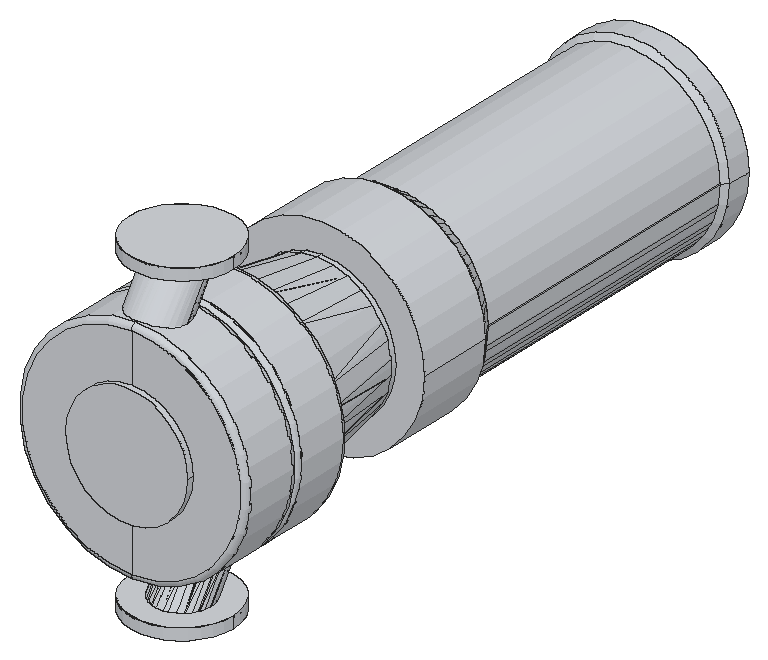
Revit family "f30cbd9bce1d424982ee3bf6078d2080", category Mechanical Equipment, Revit 2021
Family settings
  Round Connector Dimension = Use Radius
  Classification = Pump
  Part Type = Breaks Into
  OmniClass Number = 23.60.30.21
  OmniClass Title = Pumps
  Seek Item ID = Inline Pump - Circulator-0000-USA-ENU
  Work Plane-Based = No
  Always vertical = Yes
  Cut with Voids When Loaded = No
  Shared = No
  Room Calculation Point = No
Parameters (values of type "75 GPM - 9.5 Foot Head")
  Voltage = 460 V
  Suction Outside Radius = Suction Outside Diameter / 2  # 1 1/4"
  Suction Outside Diameter = Suction Nominal Diameter + 0' 0 1/2"  # 2 1/2"
  Suction Nominal Radius = 1"
  Suction Nominal Diameter = 2 * Suction Nominal Radius  # 2"
  Radius 3 = Outside Radius 4 + 0' 1"  # 0' - 2.656"
  Radius 2 = Outside Radius 2 - 0' 0 1/2"  # 0' - 3 123/128"
  Radius 1 = Outside Radius 2 - 0' 0 1/4"  # 0' - 4 27/128"
  RPM [instance] = 1450
  Pump Material = none
  Outside Radius 4 = Outside Diameter 4 / 2  # 0' - 1.656"
  Outside Radius 2 = Outside Diameter 2 / 2  # 0' - 4 59/128"
  Outside Radius 1 = Outside Diameter 1 / 2  # 0' - 5"
  Outside Diameter 4 = 0.18 * Length 2  # 0' - 3.312"
  Outside Diameter 2 = 0' - 8 59/64"
  Outside Diameter 1 = 0' - 10"
  Number of Poles = 3
  Load Classification = Appliance - Dwelling Unit
  Length 4 = (Flange Height - Outside Radius 1 - 0' 0 1/4") * tan(34.00°)  # 0' - 1.34902"
  Length 3 = Length 2 * 0.18  # 0' - 3.312"
  Length 2 = 0.8 * Length 1  # 1' - 6.4"
  Length 1 = 1' - 11"
  Housing Width = 0' - 6"
  Flange Radius = Flange Diameter / 2  # 0' - 2 1/4"
  Flange Height = 0' - 7 1/4"
  Flange Diameter = 0' - 4 1/2"
  Discharge Nominal Radius = 1"
  Discharge Nominal Diameter = 2 * Discharge Nominal Radius  # 2"
  Default Elevation = 0' - 0"
  Apparent Load = 1254 VA
Types (3): name | Suction Outside Radius | Suction Outside Diameter | Suction Nominal Radius | Suction Nominal Diameter | Radius 3 | Radius 2 | Radius 1 | Outside Radius 4 | Outside Radius 2 | Outside Radius 1 | Outside Diameter 4 | Outside Diameter 2 | Outside Diameter 1 | Length 4 | Length 3 | Length 2 | Length 1 | Flange Radius | Flange Height | Flange Diameter | Discharge Nominal Radius | Discharge Nominal Diameter | Apparent Load
  (no name) | 1 1/4" | 2 1/2" | 1" | 2" | 0' - 2.656" | 0' - 3 123/128" | 0' - 4 27/128" | 0' - 1.656" | 0' - 4 59/128" | 0' - 5" | 0' - 3.312" | 0' - 8 59/64" | 0' - 10" | 0' - 1.34902" | 0' - 3.312" | 1' - 6.4" | 1' - 11" | 0' - 2 1/4" | 0' - 7 1/4" | 0' - 4 1/2" | 1" | 2" | 1254 VA
  65 GPM - 2.5 Foot Head | 1" | 2" | 3/4" | 1 1/2" | 0' - 2.224" | 0' - 2 55/64" | 0' - 3 7/64" | 0' - 1.224" | 0' - 3 23/64" | 0' - 3 5/8" | 0' - 2.448" | 0' - 6 23/32" | 0' - 7 1/4" | 0' - 0.84314" | 0' - 2.448" | 1' - 1.6" | 1' - 5" | 0' - 2" | 0' - 5 1/8" | 0' - 4" | 3/4" | 1 1/2" | 542 VA
  75 GPM - 9.5 Foot Head | 1 1/4" | 2 1/2" | 1" | 2" | 0' - 2.656" | 0' - 3 123/128" | 0' - 4 27/128" | 0' - 1.656" | 0' - 4 59/128" | 0' - 5" | 0' - 3.312" | 0' - 8 59/64" | 0' - 10" | 0' - 1.34902" | 0' - 3.312" | 1' - 6.4" | 1' - 11" | 0' - 2 1/4" | 0' - 7 1/4" | 0' - 4 1/2" | 1" | 2" | 1254 VA
Reference planes (in)
  plane 1 "Center (Front/Back)": y = 0
  plane 2: z = 0
  plane 3 "Center (Left/Right)": x = 0
  plane 4: z = 7.25
  plane 5: z = 14.5
  plane 6: z = 12.25
  plane 7: z = 2.25
  plane 8: y = 3
  plane 9: y = -3
  plane 10: y = 2.75
  plane 11: y = -2.75
  plane 12: y = 2.5
  plane 13: y = -2.5
  plane 14: z = 12
  plane 15: z = 2.5
  plane 16: y = 0.25
  plane 17: y = -0.25
  plane 18: y = 26
  plane 19: y = 11.5
  plane 20: y = 7.6
  plane 21: y = 10.912
  plane 22: y = 11.662
  plane 23: y = 7.35
  plane 24: z = 3.28906
  plane 25: y = 25.5
  plane 26: y = 24.5
  plane 27: y = 24.25
  plane 28: z = 14
  plane 29: z = 0.5
  plane 30: y = 1.34902
  plane 31: y = -1.34902
  plane 32: x = -5
  plane 33: x = 5
Forms (in)
  Revolve 1, solid, material <- "Pump Material"
    sketch origin (0, 0, 0) x (0, 1, 0) y (0, 0, 1)
      loop
        line (2.75, 7.25) -> (2.75, 12)
        arc (2.75, 12) -> (2.67678, 12.17678) -> (2.5, 12.25) r 0.25
        line (2.5, 12.25) -> (0.25, 12.25)
        arc (0.25, 12.25) -> (0.07322, 12.17678) -> (0, 12) r 0.25
        arc (0, 12) -> (-0.07322, 12.17678) -> (-0.25, 12.25) r 0.25
        line (-0.25, 12.25) -> (-2.5, 12.25)
        arc (-2.5, 12.25) -> (-2.67678, 12.17678) -> (-2.75, 12) r 0.25
        line (-2.75, 12) -> (-2.75, 7.25) -> (2.75, 7.25)
      axis (2.75, 7.25) -> (-2.75, 7.25)
    angle from 0 to 360
  Extrusion 2, solid, material <- "Pump Material"
    sketch origin (0, 0, 0) x (1, 0, 0) y (0, 0, 1)
      loop
        circle (0, 7.25) r 2.656
    from 3 to 2.75
  Extrusion 3, solid, material <- "Pump Material"
    sketch origin (0, 0, 0) x (1, 0, 0) y (0, 0, 1)
      loop
        circle (0, 7.25) r 3.96094
    from -3 to -2.75
  Revolve 4, solid, material <- "Pump Material"
    sketch origin (0, 0, 0) x (0, 1, 0) y (0, 0, 1)
      loop
        line (3, 7.25) -> (3, 3.28906) -> (7.35, 4.05608) -> (7.6, 4.05608) -> (7.6, 7.25) -> (3, 7.25)
      axis (7.6, 7.25) -> (3, 7.25)
    angle from 0 to 360
  Extrusion 5, solid, material <- "Pump Material"
    sketch origin (0, 0, 0) x (1, 0, 0) y (0, 0, 1)
      loop
        circle (0, 7.25) r 4.46094
    from -7.6 to -10.912
  Extrusion 6, solid, material <- "Pump Material"
    sketch origin (0, 0, 0) x (1, 0, 0) y (0, 0, 1)
      loop
        circle (0, 7.25) r 3.96094
    from -11.662 to -24.25
  Blend 7, solid, material <- "Pump Material"
    base sketch origin (0, 0, 0) x (1, 0, 0) y (0, 0, 1)
      loop
        circle (0, 7.25) r 3.96094
    top sketch origin (0, 0, 0) x (1, 0, 0) y (0, 0, 1)
      loop
        circle (0, 7.25) r 4.46094
    from -11.662 to -10.912
  Extrusion 8, solid, material <- "Pump Material"
    sketch origin (0, 0, 0) x (1, 0, 0) y (0, 0, 1)
      loop
        circle (0, 7.25) r 4.21094
    from -24.5 to -25.5
  Blend 9, solid, material <- "Pump Material"
    base sketch origin (0, 0, 0) x (1, 0, 0) y (0, 0, 1)
      loop
        circle (0, 7.25) r 4.21094
    top sketch origin (0, 0, 0) x (1, 0, 0) y (0, 0, 1)
      loop
        circle (0, 7.25) r 3.96094
    from -24.5 to -24.25
  Extrusion 10, solid, material <- "Pump Material"
    sketch origin (0, 0, 0) x (1, 0, 0) y (0, 0, 1)
      loop
        circle (0, 7.25) r 1.656
    from -26 to -25.5
  Extrusion 11, solid, material <- "Pump Material"
    sketch origin (0, 0, 0) x (1, 0, 0) y (0, 1, 0)
      loop
        circle (0, 0) r 2.25
    from 14 to 14.5
  Extrusion 12, solid, material <- "Pump Material"
    sketch origin (0, 0, 0) x (1, 0, 0) y (0, 1, 0)
      loop
        circle (0, 0) r 2.25
    from 0.5 to 0
  Blend 13, solid, material <- "Pump Material"
    base sketch origin (0, 0, 0) x (1, 0, 0) y (0, 1, 0)
      loop
        circle (0, 0) r 1.25
    top sketch origin (0, 0, 0) x (1, 0, 0) y (0, 1, 0)
      loop
        circle (0, -1.34902) r 1.25
    from 14 to 12
  Blend 14, solid, material <- "Pump Material"
    base sketch origin (0, 0, 0) x (1, 0, 0) y (0, 1, 0)
      loop
        circle (0, 0) r 1.25
    top sketch origin (0, 0, 0) x (1, 0, 0) y (0, 1, 0)
      loop
        circle (0, 1.34902) r 1.25
    from 0.5 to 2.5
  Revolve 15, solid, material <- "Pump Material", detail levels fine
    sketch origin (0, 0, 0) x (0, 1, 0) y (0, 0, 1)
      loop
        line (2.75, 7.25) -> (2.75, 12)
        arc (2.75, 12) -> (2.67678, 12.17678) -> (2.5, 12.25) r 0.25
        line (2.5, 12.25) -> (0.25, 12.25)
        arc (0.25, 12.25) -> (0.07322, 12.17678) -> (0, 12) r 0.25
        arc (0, 12) -> (-0.07322, 12.17678) -> (-0.25, 12.25) r 0.25
        line (-0.25, 12.25) -> (-2.5, 12.25)
        arc (-2.5, 12.25) -> (-2.67678, 12.17678) -> (-2.75, 12) r 0.25
        line (-2.75, 12) -> (-2.75, 7.25) -> (2.75, 7.25)
      axis (2.75, 7.25) -> (-2.75, 7.25)
    angle from 0 to 360
  Revolve 16, solid, material <- "Pump Material", detail levels fine
    sketch origin (0, 0, 0) x (0, 1, 0) y (0, 0, 1)
      loop
        line (3, 7.25) -> (3, 3.28906) -> (7.35, 4.05608) -> (7.6, 4.05608) -> (7.6, 7.25) -> (3, 7.25)
      axis (7.6, 7.25) -> (3, 7.25)
    angle from 0 to 360
  Extrusion 17, solid, material <- "Pump Material", detail levels fine
    sketch origin (0, 0, 0) x (1, 0, 0) y (0, 0, 1)
      loop
        circle (0, 7.25) r 3.96094
    from -3 to -2.75
  Extrusion 18, solid, material <- "Pump Material", detail levels fine
    sketch origin (0, 0, 0) x (1, 0, 0) y (0, 0, 1)
      loop
        circle (0, 7.25) r 2.656
    from 2.75 to 3
  Extrusion 19, solid, material <- "Pump Material", detail levels fine
    sketch origin (0, 0, 0) x (1, 0, 0) y (0, 0, 1)
      loop
        circle (0, 7.25) r 4.46094
    from -7.6 to -10.912
  Extrusion 20, solid, material <- "Pump Material", detail levels fine
    sketch origin (0, 0, 0) x (1, 0, 0) y (0, 0, 1)
      loop
        circle (0, 7.25) r 3.96094
    from -24.25 to -11.662
  Blend 21, solid, material <- "Pump Material", detail levels fine
    base sketch origin (0, 0, 0) x (1, 0, 0) y (0, 0, 1)
      loop
        circle (0, 7.25) r 4.46094
    top sketch origin (0, 0, 0) x (1, 0, 0) y (0, 0, 1)
      loop
        circle (0, 7.25) r 3.96094
    from -10.912 to -11.662
  Extrusion 22, solid, material <- "Pump Material", detail levels fine
    sketch origin (0, 0, 0) x (1, 0, 0) y (0, 0, 1)
      loop
        circle (0, 7.25) r 4.21094
    from -24.5 to -25.5
  Blend 23, solid, material <- "Pump Material", detail levels fine
    base sketch origin (0, 0, 0) x (1, 0, 0) y (0, 0, 1)
      loop
        circle (0, 7.25) r 4.21094
    top sketch origin (0, 0, 0) x (1, 0, 0) y (0, 0, 1)
      loop
        circle (0, 7.25) r 3.96094
    from -24.5 to -24.25
  Extrusion 24, solid, material <- "Pump Material", detail levels fine
    sketch origin (0, 0, 0) x (1, 0, 0) y (0, 0, 1)
      loop
        circle (0, 7.25) r 1.656
    from -25.5 to -26
  Extrusion 25, solid, material <- "Pump Material", detail levels fine
    sketch origin (0, 0, 0) x (1, 0, 0) y (0, 1, 0)
      loop
        circle (0, -0.02522) r 2.25
    from 14 to 14.5
  Extrusion 26, solid, material <- "Pump Material", detail levels fine
    sketch origin (0, 0, 0) x (1, 0, 0) y (0, 1, 0)
      loop
        circle (0, -0.02522) r 2.25
    from 0 to 0.5
  Blend 27, solid, material <- "Pump Material", detail levels fine
    base sketch origin (0, 0, 0) x (1, 0, 0) y (0, 1, 0)
      loop
        circle (0, 0) r 1.25
    top sketch origin (0, 0, 0) x (1, 0, 0) y (0, 1, 0)
      loop
        circle (0, -1.34902) r 1.25
    from 14 to 12
  Blend 28, solid, material <- "Pump Material", detail levels fine
    base sketch origin (0, 0, 0) x (1, 0, 0) y (0, 1, 0)
      loop
        circle (0, 1.34902) r 1.25
    top sketch origin (0, 0, 0) x (1, 0, 0) y (0, 1, 0)
      loop
        circle (0, 0) r 1.25
    from 2.5 to 0.5
Cuts and joins
  joined: Revolve 1, Extrusion 2, Extrusion 3, Revolve 4, Extrusion 5, Extrusion 6, Blend 7, Extrusion 8, Blend 9, Extrusion 10, Extrusion 11, Extrusion 12, Blend 13, Blend 14
  joined: Revolve 15, Revolve 16, Extrusion 17, Extrusion 18, Extrusion 19, Extrusion 20, Blend 21, Extrusion 22, Blend 23, Extrusion 24, Extrusion 25, Extrusion 26, Blend 27, Blend 28
Lines and regions (in)
  symbolic lines, detail levels coarse+medium
    curve 1: line (-5, 26, 0) -> (5, 26, 0)
    curve 2: line (-5, -3, 0) -> (-5, 26, 0)
    curve 3: line (5, -3, 0) -> (-5, -3, 0)
    curve 4: line (5, 26, 0) -> (5, -3, 0)
Dimensions and locks (in)
  "Flange Height": plane 4 to plane 2
  "Flange Height": plane 5 to plane 4
  "Outside Radius 1": plane 6 to plane 4
  "Outside Radius 1": plane 4 to plane 7
  equal spacing: plane 9, plane 1 "Center (Front/Back)", plane 8
  "Housing Width": plane 9 to plane 8
  locked: plane 8 to plane 10 at 0.25
  locked: plane 11 to plane 9 at 0.25
  locked: plane 10 to plane 12 at 0.25
  locked: plane 11 to plane 13 at 0.25
  locked: plane 6 to plane 14 at 0.25
  locked: plane 7 to plane 15 at 0.25
  locked: plane 1 "Center (Front/Back)" to plane 17 at 0.25
  locked: plane 16 to plane 1 "Center (Front/Back)" at 0.25
  "Length 1": plane 18 to plane 8
  equal spacing: plane 18, plane 19, plane 9
  "Length 2": plane 18 to plane 20
  "Length 3": plane 21 to plane 20
  locked: plane 23 to plane 20 at 0.25
  locked: plane 22 to plane 21 at 0.75
  "Radius 2": plane 4 to plane 24
  locked: plane 18 to plane 25 at 0.5
  locked: plane 25 to plane 26 at 1
  locked: plane 27 to plane 26 at 0.25
  locked: plane 5 to plane 28 at 0.5
  locked: plane 2 to plane 29 at 0.5
  "Length 4": plane 30 to plane 1 "Center (Front/Back)"
  "Length 4": plane 31 to plane 1 "Center (Front/Back)"
  "Outside Radius 1": plane 3 "Center (Left/Right)" to plane 33
  "Outside Radius 1": plane 32 to plane 3 "Center (Left/Right)"
  "Radius 3": radius of Extrusion 2 sketch curve
  "Radius 2": radius of Extrusion 3 sketch curve
  "Outside Radius 2": radius of Extrusion 5 sketch curve
  "Radius 2": radius of Extrusion 6 sketch curve
  "Radius 2": radius of Blend 7 sketch curve
  "Outside Radius 2": radius of Blend 7 sketch curve
  "Radius 1": radius of Extrusion 8 sketch curve
  "Radius 1": radius of Blend 9 sketch curve
  "Radius 2": radius of Blend 9 sketch curve
  "Outside Radius 4": radius of Extrusion 10 sketch curve
  "Flange Radius": radius of Extrusion 11 sketch curve
  "Flange Radius": radius of Extrusion 12 sketch curve
  "Suction Outside Radius": radius of Blend 13 sketch curve  (x2)
  "Suction Outside Radius": radius of Blend 14 sketch curve  (x2)
  "Radius 2": radius of Extrusion 17 sketch curve
  "Radius 3": radius of Extrusion 18 sketch curve
  "Outside Radius 2": radius of Extrusion 19 sketch curve
  "Radius 2": radius of Extrusion 20 sketch curve
  "Outside Radius 2": radius of Blend 21 sketch curve
  "Radius 2": radius of Blend 21 sketch curve
  "Radius 1": radius of Extrusion 22 sketch curve
  "Radius 1": radius of Blend 23 sketch curve
  "Radius 2": radius of Blend 23 sketch curve
  "Outside Radius 4": radius of Extrusion 24 sketch curve
  "Flange Radius": radius of Extrusion 25 sketch curve
  "Flange Radius": radius of Extrusion 26 sketch curve
  "Suction Outside Radius": radius of Blend 27 sketch curve  (x2)
  "Suction Outside Radius": radius of Blend 28 sketch curve  (x2)
  angle Revolve 4 sketch curve to plane 24 = 10.00°
  angle Revolve 16 sketch curve to plane 24 = 10.00°
  aligned and locked: plane 1 "Center (Front/Back)" to Revolve 1 sketch curve
  aligned and locked: plane 4 to Revolve 1 sketch curve
  aligned and locked: plane 3 "Center (Left/Right)" to Extrusion 2 sketch curve
  aligned and locked: plane 4 to Extrusion 2 sketch curve
  aligned and locked: Extrusion 2 to plane 9
  aligned and locked: plane 11 to Extrusion 2
  aligned and locked: plane 3 "Center (Left/Right)" to Extrusion 3 sketch curve
  aligned and locked: plane 4 to Extrusion 3 sketch curve
  aligned and locked: plane 8 to Extrusion 3
  aligned and locked: Extrusion 3 to plane 10
  aligned and locked: plane 23 to Revolve 4 sketch curve
  aligned and locked: plane 3 "Center (Left/Right)" to Extrusion 5 sketch curve
  aligned and locked: plane 4 to Extrusion 5 sketch curve
  aligned and locked: plane 20 to Extrusion 5
  aligned and locked: plane 21 to Extrusion 5
  aligned and locked: plane 3 "Center (Left/Right)" to Extrusion 6 sketch curve
  aligned and locked: plane 4 to Extrusion 6 sketch curve
  aligned and locked: plane 22 to Extrusion 6
  aligned and locked: plane 27 to Extrusion 6
  aligned and locked: plane 4 to Blend 7 sketch curve  (x2)
  aligned and locked: plane 3 "Center (Left/Right)" to Blend 7 sketch curve  (x2)
  aligned and locked: plane 22 to Blend 7
  aligned and locked: Blend 7 to plane 21
  aligned and locked: plane 3 "Center (Left/Right)" to Extrusion 8 sketch curve
  aligned and locked: plane 4 to Extrusion 8 sketch curve
  aligned and locked: plane 3 "Center (Left/Right)" to Blend 9 sketch curve  (x2)
  aligned and locked: plane 4 to Blend 9 sketch curve  (x2)
  aligned and locked: plane 25 to Extrusion 8
  aligned and locked: plane 26 to Extrusion 8
  aligned and locked: Blend 9 to plane 26
  aligned and locked: Blend 9 to Extrusion 6
  aligned and locked: plane 3 "Center (Left/Right)" to Extrusion 10 sketch curve
  aligned and locked: plane 4 to Extrusion 10 sketch curve
  aligned and locked: plane 18 to Extrusion 10
  aligned and locked: Extrusion 10 to plane 25
  aligned and locked: plane 3 "Center (Left/Right)" to Extrusion 11 sketch curve
  aligned and locked: plane 1 "Center (Front/Back)" to Extrusion 11 sketch curve
  aligned and locked: Extrusion 11 to plane 28
  aligned and locked: plane 5 to Extrusion 11
  aligned and locked: plane 1 "Center (Front/Back)" to Extrusion 12 sketch curve
  aligned and locked: plane 3 "Center (Left/Right)" to Extrusion 12 sketch curve
  aligned and locked: plane 29 to Extrusion 12
  aligned and locked: Extrusion 12 to plane 2
  aligned and locked: plane 3 "Center (Left/Right)" to Blend 13 sketch curve  (x2)
  aligned and locked: plane 1 "Center (Front/Back)" to Blend 13 sketch curve
  aligned and locked: plane 31 to Blend 13 sketch curve
  aligned and locked: Blend 13 to plane 28
  aligned and locked: Blend 13 to plane 14
  aligned and locked: plane 3 "Center (Left/Right)" to Blend 14 sketch curve  (x2)
  aligned and locked: plane 1 "Center (Front/Back)" to Blend 14 sketch curve
  aligned and locked: plane 30 to Blend 14 sketch curve
  aligned and locked: Blend 14 to plane 15
  aligned and locked: plane 29 to Blend 14
  aligned and locked: plane 23 to Revolve 16 sketch curve
  aligned and locked: plane 8 to Extrusion 17
  aligned and locked: Extrusion 17 to plane 10
  aligned and locked: plane 11 to Extrusion 18
  aligned and locked: plane 9 to Extrusion 18
  aligned and locked: plane 20 to Extrusion 19
  aligned and locked: plane 21 to Extrusion 19
  aligned and locked: plane 27 to Extrusion 20
  aligned and locked: Extrusion 20 to plane 22
  aligned and locked: plane 22 to Blend 21
  aligned and locked: Blend 21 to plane 21
  aligned and locked: Extrusion 22 to plane 26
  aligned and locked: plane 25 to Extrusion 22
  aligned and locked: Blend 23 to plane 26
  aligned and locked: Blend 23 to plane 27
  aligned and locked: plane 25 to Extrusion 24
  aligned and locked: plane 18 to Extrusion 24
  aligned and locked: plane 5 to Extrusion 25
  aligned and locked: Extrusion 25 to plane 28
  aligned and locked: Extrusion 26 to plane 29
  aligned and locked: Extrusion 26 to plane 2
  aligned and locked: plane 31 to Blend 27 sketch curve
  aligned and locked: plane 3 "Center (Left/Right)" to Blend 27 sketch curve  (x2)
  aligned and locked: plane 28 to Blend 27
  aligned and locked: Blend 27 to plane 14
  aligned and locked: plane 30 to Blend 28 sketch curve
  aligned and locked: plane 3 "Center (Left/Right)" to Blend 28 sketch curve  (x2)
  aligned and locked: plane 1 "Center (Front/Back)" to Blend 28 sketch curve
  aligned and locked: plane 15 to Blend 28
  aligned and locked: plane 29 to Blend 28
  aligned and locked: plane 32 to curve 1
  aligned and locked: curve 1 to plane 18
  aligned and locked: plane 9 to curve 4
  aligned and locked: curve 4 to plane 33
  aligned and locked: plane 3 "Center (Left/Right)" to nested 1
  aligned and locked: nested 1 to plane 19
  aligned and locked: plane 1 "Center (Front/Back)" to Blend 27 sketch curve
Automatic sketch dimensions
  Revolve 1 sketch curve to plane 4 = 0' - 0"
  Revolve 1 sketch curve to plane 11 = 0' - 0"
  Revolve 1 sketch curve to plane 6 = 0' - 0"  (x2)
  Revolve 1 sketch curve to plane 13 = 0' - 0"
  Revolve 1 sketch curve to plane 14 = 0' - 0"
  Revolve 1 sketch curve to plane 17 = 0' - 0"
  Revolve 1 sketch curve to plane 12 = 0' - 0"
  Revolve 1 sketch curve to plane 10 = 0' - 0"
  plane 9 to Revolve 1 sketch curve = 0' - 6 1/2"
  plane 8 to Revolve 1 sketch curve = 0' - 2 1/2"
  Revolve 4 sketch curve to plane 4 = 0' - 0"  (x2)
  Revolve 4 sketch curve to plane 8 = 0' - 0"
  Revolve 4 sketch curve to plane 20 = 0' - 0"
  Revolve 4 sketch curve to plane 24 = 0' - 0"
  Revolve 4 sketch curve to plane 16 = 0' - 0.65"
  plane 22 to Revolve 4 sketch curve = 0' - 0.802"
  Revolve 15 sketch curve to plane 4 = 0' - 0"  (x2)
  Revolve 15 sketch curve to plane 11 = 0' - 0"
  Revolve 15 sketch curve to plane 6 = 0' - 0"  (x2)
  Revolve 15 sketch curve to plane 13 = 0' - 0"
  Revolve 15 sketch curve to plane 17 = 0' - 0"
  Revolve 15 sketch curve to plane 1 "Center (Front/Back)" = 0' - 0"  (x2)
  Revolve 15 sketch curve to plane 12 = 0' - 0"
  Revolve 15 sketch curve to plane 10 = 0' - 0"
  plane 9 to Revolve 15 sketch curve = 0' - 2.15"
  plane 23 to Revolve 15 sketch curve = 0' - 0 1/2"
  Revolve 16 sketch curve to plane 4 = 0' - 0"  (x2)
  Revolve 16 sketch curve to plane 8 = 0' - 0"
  Revolve 16 sketch curve to plane 20 = 0' - 0"
  Revolve 16 sketch curve to plane 24 = 0' - 0"
  Revolve 16 sketch curve to plane 30 = 0' - 0.43702"
  Revolve 16 sketch curve to plane 21 = 0' - 1 1/4"
  Extrusion 17 sketch curve to plane 3 "Center (Left/Right)" = 0' - 0"
  Extrusion 17 sketch curve to plane 4 = 0' - 0"
  Extrusion 18 sketch curve to plane 3 "Center (Left/Right)" = 0' - 0"
  Extrusion 18 sketch curve to plane 4 = 0' - 0"
  Extrusion 19 sketch curve to plane 3 "Center (Left/Right)" = 0' - 0"
  Extrusion 19 sketch curve to plane 4 = 0' - 0"
  Extrusion 20 sketch curve to plane 3 "Center (Left/Right)" = 0' - 0"
  Extrusion 20 sketch curve to plane 4 = 0' - 0"
  Blend 21 sketch curve to plane 3 "Center (Left/Right)" = 0' - 0"  (x2)
  Blend 21 sketch curve to plane 4 = 0' - 0"  (x2)
  Extrusion 22 sketch curve to plane 3 "Center (Left/Right)" = 0' - 0"
  Extrusion 22 sketch curve to plane 4 = 0' - 0"
  Blend 23 sketch curve to plane 3 "Center (Left/Right)" = 0' - 0"  (x2)
  Blend 23 sketch curve to plane 4 = 0' - 0"  (x2)
  Extrusion 24 sketch curve to plane 3 "Center (Left/Right)" = 0' - 0"
  Extrusion 24 sketch curve to plane 4 = 0' - 0"
  Extrusion 25 sketch curve to plane 3 "Center (Left/Right)" = 0' - 0"
  plane 1 "Center (Front/Back)" to Extrusion 25 sketch curve = 0' - 0.02522"
  Extrusion 26 sketch curve to plane 3 "Center (Left/Right)" = 0' - 0"
  plane 1 "Center (Front/Back)" to Extrusion 26 sketch curve = 0' - 0.02522"
Nested families (in)
  nested 1: "Pump Symbol" at (0, 11.5, 0), Symbol Radius <- "Outside Radius 1", type "Pump Symbol", detail levels coarse+medium
    with Symbol Radius 0' - 5", Symbol Length 2 0' - 4.33013", Symbol Length 1 0' - 2 1/2"
Connectors (in)
  piping at (0, 0, 14.5), diameter 2, driven by "Suction Nominal Radius"
    settings: on cut or joined group 1 (Revolve 1, Extrusion 2, Extrusion 3, Revolve 4, Extrusion 5, Extrusion 6, Blend 7, Extrusion 8, Blend 9, Extrusion 10, Extrusion 11, Extrusion 12, Blend 13, Blend 14), index 1, connector inside diameter 2", connector length 0' - 0", flow factor 0, pipe flow 0 GPM, pressure drop 0.00 psi, fitting loss kfactor 0, connector angle 0.00°, fixture units 0, engagement length 0' - 0", angle of deflection 0.00°, flow configuration 0, flow direction 1, fitting loss method 0, system type 29, joint type 0, gender type 0, connector reference index 2, connector utility 0, adjustable connector no, is connector primary yes, connector description "Water/Other Liquid In"
  piping at (0, 0, 0), diameter 2, driven by "Discharge Nominal Radius"
    settings: on cut or joined group 1, index 2, connector inside diameter 2", connector length 0' - 0", flow factor 0, pipe flow 0 GPM, pressure drop 0.00 psi, fitting loss kfactor 0, connector angle 0.00°, fixture units 0, engagement length 0' - 0", angle of deflection 0.00°, flow configuration 0, flow direction 2, fitting loss method 0, system type 29, joint type 0, gender type 0, connector reference index 1, connector utility 0, adjustable connector no, is connector primary no, connector description "Water/Other Liquid Out"
  electrical at (0, 26, 7.25), driven by "Voltage", driven by "Apparent Load", driven by "Number of Poles", driven by "Load Classification"
    settings: on cut or joined group 1, index 3, voltage 460 V, apparent load 1254 VA, apparent load phase1 0 VA, apparent load phase2 0 VA, apparent load phase3 0 VA, power factor 0.8, load classification "Appliance - Dwelling Unit", number of poles 3, system type 30, power factor state 1, is connector primary yes, connector utility no, sub classification motor no, connector description ""
Definition of nested family "Pump Symbol"
  Parameters
    Symbol Radius [instance] = 2' - 0"
    Symbol Length 2 [instance] = cos(30.00°) * Symbol Radius  # 1' - 8.78461"
    Symbol Length 1 [instance] = sin(30.00°) * Symbol Radius  # 1' - 0"
  Reference planes (in)
    plane 1 "Center (Front/Back)": y = 0
    plane 2: z = 0
    plane 3 "Center (Left/Right)": x = 0
    plane 4: y = 12
    plane 5: y = -24
    plane 6: x = -20.78461
    plane 7: x = 20.78461
  Lines and regions (in)
    Filled region 1, type "Concrete Block", in view "Ref. Level"
      outline origin (0, 0, 0) x (1, 0, 0) y (0, 1, 0)
        loop
          line (-20.78461, 12) -> (0, -24) -> (20.78461, 12) -> (-20.78461, 12)
    detail lines, in view "Ref. Level"
      curve 1: circle (0, 0, 0) r 24 normal (0, 0, 1)
  Dimensions and locks (in)
    "Symbol Radius": plane 1 "Center (Front/Back)" to plane 5
    "Symbol Length 1": plane 4 to plane 1 "Center (Front/Back)"
    "Symbol Length 2": plane 6 to plane 3 "Center (Left/Right)"
    "Symbol Length 2": plane 3 "Center (Left/Right)" to plane 7
    "Symbol Radius": radius of curve 1
    aligned and locked: plane 3 "Center (Left/Right)" to curve 1
    aligned and locked: plane 1 "Center (Front/Back)" to curve 1
  Automatic sketch dimensions
    Filled region 1 sketch curve to plane 4 = 0' - 0"
    Filled region 1 sketch curve to plane 6 = 0' - 0"
    Filled region 1 sketch curve to plane 3 "Center (Left/Right)" = 0' - 0"
    Filled region 1 sketch curve to plane 7 = 0' - 0"
    Filled region 1 sketch curve to plane 5 = 0' - 0"
